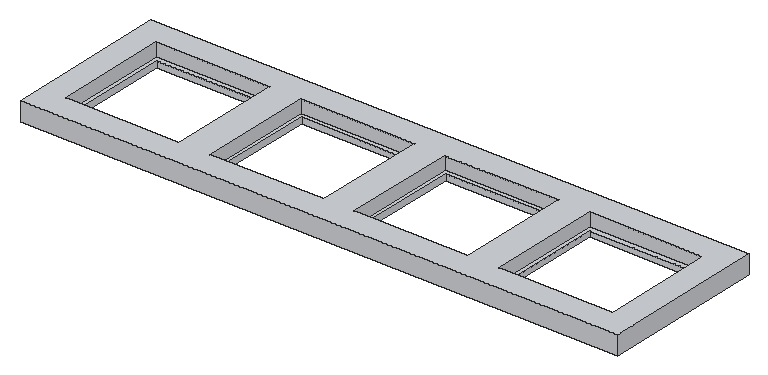
Revit family "Gira_021433", category Electrical Fixtures, host Face, Revit 2017
Family settings
  Host = Face
  Maintain Annotation Orientation = No
  Round Connector Dimension = Use Diameter
  Part Type = Normal
  Cut with Voids When Loaded = No
  Shared = No
  Room Calculation Point = No
Parameters (values of type "Abdeckrahmen 4f Gira E2 Edelstahl")
  Werkstoffgüte = "edelstahl"
  Werkstoff = "Metall"
  URL = "http://katalog.gira.de/de_DE/datenblatt.html?artikelnr=021433"
  Transparent = "No"
  Textfeld/Beschriftungsfläche = "No"
  Schutzart (IP) = "IP20"
  Region = "DE"
  Oberfläche = "sonstige"
  Name = "Abdeckrahmen 4f Gira E2 Edelstahl"
  Montagerichtung = "horizontal und vertikal"
  Mit Montagerahmen = "No"
  Mit Klappdeckel = "No"
  Manufacturer URL = "https://www.gira.de/"
  Keynote = "E2_Rahmen_4fach"
  HeinzeBIM = "https://bimportal.heinze.de/bim/abdeckrahmen-4f-gira-e2-edelstahl/dfda0ff0cea59fe803528272e6bfcbbc8bd1dbe7"
  Halogenfrei = "No"
  HAN = "021433"
  Geeignet für Unterputz-Installation = "Yes"
  Geeignet für Unterflurkanaldose = "No"
  Geeignet für Geräteeinbaukanal = "No"
  Geeignet für Einbauinstallation = "No"
  GTIN = "4010337019824"
  Farbe = "edelstahl"
  Default Elevation = 1219.2 mm
  Data sheet (1) = "https://katalog.gira.de/de_DE/download.html?artikelnr=021433"
  Category = "Abdeckrahmen"
  Befestigungsart = "Klemmbefestigung"
  Available = "Yes"
  Anzahl der Einheiten vertikal = "4 "
  Anzahl der Einheiten horizontal = "4 "
  Anzahl der Einheiten = "4 "
Reference planes
  plane 1 "Center (Front/Back)": y = 0
  plane 2: z = 0
  plane 3 "Center (Left/Right)": x = 0
Forms (mm)
  Extrusion 1, solid, detail levels fine
    sketch origin (0, 0, 0) x (1, 0, 0) y (0, 1, 0)
      loop
        line (147.35, 40.4) -> (-147.35, 40.4) -> (-147.35, -40.4) -> (147.35, -40.4) -> (147.35, 40.4)
      loop
        line (78.898, 28.052) -> (78.898, -28.052) -> (135.002, -28.052) -> (135.002, 28.052) -> (78.898, 28.052)
      loop
        line (7.598, 28.052) -> (7.598, -28.052) -> (63.702, -28.052) -> (63.702, 28.052) -> (7.598, 28.052)
      loop
        line (-63.702, 28.052) -> (-63.702, -28.052) -> (-7.598, -28.052) -> (-7.598, 28.052) -> (-63.702, 28.052)
      loop
        line (-135.002, 28.052) -> (-135.002, -28.052) -> (-78.898, -28.052) -> (-78.898, 28.052) -> (-135.002, 28.052)
    from 0 to 9.3
  Extrusion 2, solid, detail levels fine
    sketch origin (-106.85, 0, 0) x (1, 0, 0) y (0, 1, 0)
      loop
        line (-28.152, -28.152) -> (28.152, -28.152) -> (28.152, 28.152) -> (-28.152, 28.152) -> (-28.152, -28.152)
      loop
        line (25.9, -25.7) -> (25.9, 25.7) -> (-25.9, 25.7) -> (-25.9, -25.7) -> (25.9, -25.7)
    from 0 to 3
  Extrusion 3, solid, detail levels coarse+medium
    sketch origin (0, 0, 0) x (1, 0, 0) y (0, 1, 0)
      loop
        line (147.35, 40.4) -> (-147.35, 40.4) -> (-147.35, -40.4) -> (147.35, -40.4) -> (147.35, 40.4)
    from 0 to 9.3
  Extrusion 4, solid, detail levels fine
    sketch origin (-35.55, -0.047, 0) x (1, 0, 0) y (0, 1, 0)
      loop
        line (-28.152, -28.106) -> (28.152, -28.106) -> (28.152, 28.199) -> (-28.152, 28.199) -> (-28.152, -28.106)
      loop
        line (25.9, -25.653) -> (25.9, 25.747) -> (-25.9, 25.747) -> (-25.9, -25.653) -> (25.9, -25.653)
    from 0 to 3
  Extrusion 5, solid, detail levels fine
    sketch origin (106.85, -0.047, 0) x (1, 0, 0) y (0, 1, 0)
      loop
        line (-27.952, -28.006) -> (28.152, -28.006) -> (28.152, 28.099) -> (-27.952, 28.099) -> (-27.952, -28.006)
      loop
        line (26, -25.653) -> (26, 25.747) -> (-25.9, 25.747) -> (-25.9, -25.653) -> (26, -25.653)
    from 0 to 3
  Extrusion 6, solid, detail levels fine
    sketch origin (35.55, -0.047, 0) x (1, 0, 0) y (0, 1, 0)
      loop
        line (-27.952, -28.006) -> (28.152, -28.006) -> (28.152, 28.099) -> (-27.952, 28.099) -> (-27.952, -28.006)
      loop
        line (26, -25.653) -> (26, 25.747) -> (-25.9, 25.747) -> (-25.9, -25.653) -> (26, -25.653)
    from 0 to 3
Dimensions and locks
  aligned and locked: plane 2 to host face
  aligned and locked: level to host face
